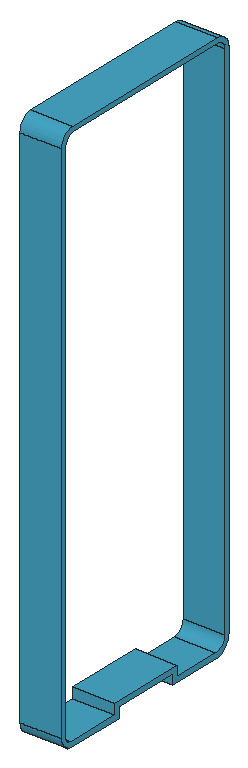
Revit family "product code 61217-S", category Meble, Revit 2021
Family settings
  Numer OmniClass = 23.40.20.00
  Tytuł OmniClass = General Furniture and Specialties
  Oparty na płaszczyźnie roboczej = Nie
  Zawsze pionowo = Tak
  Tnij formami wycięć po wczytaniu = Nie
  Współdzielony = Nie
  Punkt obliczania pomieszczeń = Nie
Parameters (values of type "61217-S")
  metal = Kobenhagen RAL 5012
  Width = "6 cm"
  Weight = "10 kg"
  URL = "https://kobenhagen.com/en_US/p/Frederiksberg-Bicycle-Stand-30-cm/150"
  Product line = "Frederiksberg"
  Product Groups = "Bicycle Stands"
  Producent = "Lars Laj"
  Keynote = ""
  Opis = "Frederiksberg Bicycle Stand 30 cm"
  Model = "61217-S-L"
  Material = "powder coated steel"
  Maintenance = "We recommend to examine and tighten all screws and bolt clamps after a few weeks’ use. In order to prevent cracks and to extend the life of the wood, it is recommended that the wood details should be oiled every 3-5 years."
  Lenght = "30 cm"
  Type Comments = ""
  Kobenhagen Materials = "larslaj.com/bim"
  Hosted on larslaj.com = "https://larslaj.com/bim"
  Height = "80 cm"
  Domyślna rzędna = 0 mm
  Copyright = "All designs and drawings are the intellectual property of Lars Laj A/S and are protected by Danish and international copyright laws."
Reference planes
  plane 1 "front": y = 0
  plane 2: z = 0
  plane 3 "Środek (Lewa/Prawa)": x = 0
  plane 4 "back": y = 294.888
  plane 5: z = 705.918
Forms (mm)
  Extrusion 1, solid, material "Kobenhagen RAL 5012" <- "metal", not visible
    sketch origin (0, 0, 0) x (0, 1, 0) y (0, 0, 1)
      loop
        arc (71.187, 451.5) -> (57.045, 445.642) -> (51.187, 431.5) r 20
        line (51.187, 431.5) -> (51.187, 18.231)
        arc (51.187, 18.231) -> (56.527, 5.34) -> (69.418, 0) r 18.231
        line (69.418, 0) -> (153.638, 0) -> (153.638, 15) -> (448.638, 15) -> (448.638, 0) -> (527.023, 0)
        arc (527.023, 0) -> (542.307, 6.331) -> (548.638, 21.615) r 21.615
        line (548.638, 21.615) -> (548.638, 429.407)
        arc (548.638, 429.407) -> (542.168, 445.029) -> (526.545, 451.5) r 22.093
        line (526.545, 451.5) -> (71.187, 451.5)
    from 750.378 to 745
  Extrusion 2, solid, material "Kobenhagen RAL 5012" <- "metal", not visible
    sketch origin (0, 0, 0) x (0, 1, 0) y (0, 0, 1)
      loop
        line (548.638, 396.844) -> (629.375, 854.725) -> (601.836, 859.581)
        arc (601.836, 859.581) -> (585.224, 855.898) -> (576.082, 841.547) r 22.232
        line (576.082, 841.547) -> (507.306, 451.5) -> (526.545, 451.5)
        arc (526.545, 451.5) -> (542.168, 445.029) -> (548.638, 429.407) r 22.093
        line (548.638, 429.407) -> (548.638, 396.844)
    from 745 to 750.378
  Extrusion 3, solid, material "Kobenhagen Wood - Larch", not visible
    sketch origin (0, -896.088, 385.255) x (0, 1, 0) y (0, 0, 1)
      loop
        arc (244.222, 429.703) -> (240.686, 428.239) -> (239.222, 424.703) r 5
        line (239.222, 424.703) -> (239.222, 388.972)
        arc (239.222, 388.972) -> (239.796, 387.586) -> (241.182, 387.012) r 1.96
        line (241.182, 387.012) -> (327.222, 387.012)
        arc (327.222, 387.012) -> (328.636, 387.598) -> (329.222, 389.012) r 2
        line (329.222, 389.012) -> (329.222, 424.703)
        arc (329.222, 424.703) -> (327.757, 428.239) -> (324.222, 429.703) r 5
        line (324.222, 429.703) -> (244.222, 429.703)
    from -745.625 to 745.937
  Extrusion 4, solid, material "Kobenhagen Wood - Larch", not visible
    sketch origin (0, -998.538, 385.255) x (0, 1, 0) y (0, 0, 1)
      loop
        arc (252.671, 429.703) -> (249.136, 428.239) -> (247.671, 424.703) r 5
        line (247.671, 424.703) -> (247.671, 388.972)
        arc (247.671, 388.972) -> (248.245, 387.586) -> (249.631, 387.012) r 1.96
        line (249.631, 387.012) -> (335.671, 387.012)
        arc (335.671, 387.012) -> (337.085, 387.598) -> (337.671, 389.012) r 2
        line (337.671, 389.012) -> (337.671, 424.703)
        arc (337.671, 424.703) -> (336.207, 428.239) -> (332.671, 429.703) r 5
        line (332.671, 429.703) -> (252.671, 429.703)
    from -745.625 to 745.937
  Extrusion 5, solid, material "Kobenhagen Wood - Larch", not visible
    sketch origin (0, -1101.038, 385.255) x (0, 1, 0) y (0, 0, 1)
      loop
        arc (275.801, 429.704) -> (261.616, 423.828) -> (255.74, 409.642) r 20.061
        line (255.74, 409.642) -> (258.916, 409.642) -> (258.916, 387.013) -> (344.172, 387.013)
        arc (344.172, 387.013) -> (345.585, 387.598) -> (346.171, 389.012) r 1.999
        line (346.171, 389.012) -> (346.171, 424.706)
        arc (346.171, 424.706) -> (344.707, 428.24) -> (341.173, 429.704) r 4.998
        line (341.173, 429.704) -> (275.801, 429.704)
    from -745.625 to 745.937
  Extrusion 6, solid, material "Kobenhagen RAL 5012" <- "metal", not visible
    sketch origin (0, -896.058, 363.795) x (0, 1, 0) y (0, 0, 1)
      loop
        line (53.936, 431.102) -> (51.187, 431.102) -> (51.187, 407.787) -> (53.936, 407.787) -> (53.936, 431.102)
    from -745.625 to 745.937
  Extrusion 7, solid, material "Kobenhagen Wood - Larch", not visible
    sketch origin (0, 162.946, 385.255) x (0, -1, 0) y (0, 0, -1)
      loop
        line (275.801, -429.704) -> (342.815, -429.704)
        arc (342.815, -429.704) -> (346.349, -428.24) -> (347.813, -424.706) r 4.998
        line (347.813, -424.706) -> (347.813, -389.012)
        arc (347.813, -389.012) -> (347.227, -387.598) -> (345.813, -387.013) r 1.999
        line (345.813, -387.013) -> (258.705, -387.013) -> (258.705, -409.642) -> (255.74, -409.642)
        arc (255.74, -409.642) -> (261.616, -423.828) -> (275.801, -429.704) r 20.061
    from -745.625 to 745.938
  Extrusion 8, solid, material "Kobenhagen RAL 5012" <- "metal", not visible
    sketch origin (0, -41.823, 363.795) x (0, -1, 0) y (0, 0, -1)
      loop
        line (53.936, -431.102) -> (53.936, -407.787) -> (51.187, -407.787) -> (51.187, -431.102) -> (53.936, -431.102)
    from -745.625 to 745.938
  Extrusion 9, solid, material "Kobenhagen Wood - Larch", not visible
    sketch origin (0, -707.338, 385.255) x (0, 1, 0) y (0, 0, 1)
      loop
        arc (244.222, 429.703) -> (240.686, 428.239) -> (239.222, 424.703) r 5
        line (239.222, 424.703) -> (239.222, 388.972)
        arc (239.222, 388.972) -> (239.796, 387.586) -> (241.182, 387.012) r 1.96
        line (241.182, 387.012) -> (327.222, 387.012)
        arc (327.222, 387.012) -> (328.636, 387.598) -> (329.222, 389.012) r 2
        line (329.222, 389.012) -> (329.222, 424.703)
        arc (329.222, 424.703) -> (327.757, 428.239) -> (324.222, 429.703) r 5
        line (324.222, 429.703) -> (244.222, 429.703)
    from -745.625 to 745.937
  Extrusion 10, solid, material "Kobenhagen Wood - Larch", not visible
    sketch origin (0, -809.788, 385.255) x (0, 1, 0) y (0, 0, 1)
      loop
        arc (252.671, 429.703) -> (249.136, 428.239) -> (247.671, 424.703) r 5
        line (247.671, 424.703) -> (247.671, 388.972)
        arc (247.671, 388.972) -> (248.245, 387.586) -> (249.631, 387.012) r 1.96
        line (249.631, 387.012) -> (335.671, 387.012)
        arc (335.671, 387.012) -> (337.085, 387.598) -> (337.671, 389.012) r 2
        line (337.671, 389.012) -> (337.671, 424.703)
        arc (337.671, 424.703) -> (336.207, 428.239) -> (332.671, 429.703) r 5
        line (332.671, 429.703) -> (252.671, 429.703)
    from -745.625 to 745.937
  Extrusion 11, solid, material "Kobenhagen Wood - Larch", not visible
    sketch origin (0, -519.338, 385.255) x (0, 1, 0) y (0, 0, 1)
      loop
        arc (244.222, 429.703) -> (240.686, 428.239) -> (239.222, 424.703) r 5
        line (239.222, 424.703) -> (239.222, 388.972)
        arc (239.222, 388.972) -> (239.796, 387.586) -> (241.182, 387.012) r 1.96
        line (241.182, 387.012) -> (327.222, 387.012)
        arc (327.222, 387.012) -> (328.636, 387.598) -> (329.222, 389.012) r 2
        line (329.222, 389.012) -> (329.222, 424.703)
        arc (329.222, 424.703) -> (327.757, 428.239) -> (324.222, 429.703) r 5
        line (324.222, 429.703) -> (244.222, 429.703)
    from -745.625 to 745.937
  Extrusion 12, solid, material "Kobenhagen Wood - Larch", not visible
    sketch origin (0, -621.788, 385.255) x (0, 1, 0) y (0, 0, 1)
      loop
        arc (252.671, 429.703) -> (249.136, 428.239) -> (247.671, 424.703) r 5
        line (247.671, 424.703) -> (247.671, 388.972)
        arc (247.671, 388.972) -> (248.245, 387.586) -> (249.631, 387.012) r 1.96
        line (249.631, 387.012) -> (335.671, 387.012)
        arc (335.671, 387.012) -> (337.085, 387.598) -> (337.671, 389.012) r 2
        line (337.671, 389.012) -> (337.671, 424.703)
        arc (337.671, 424.703) -> (336.207, 428.239) -> (332.671, 429.703) r 5
        line (332.671, 429.703) -> (252.671, 429.703)
    from -745.625 to 745.937
  Extrusion 13, solid, material "Kobenhagen RAL 5012" <- "metal"
    sketch origin (870, -51.25, 0) x (0, 1, 0) y (0, 0, 1)
      loop
        line (351.138, 23.296) -> (351.138, 779.812)
        arc (351.138, 779.812) -> (345.281, 793.955) -> (331.138, 799.812) r 20
        line (331.138, 799.812) -> (71.187, 799.812)
        arc (71.187, 799.812) -> (57.045, 793.955) -> (51.187, 779.812) r 20
        line (51.187, 779.812) -> (51.187, 18.763)
        arc (51.187, 18.763) -> (56.683, 5.495) -> (69.95, 0) r 18.763
        line (69.95, 0) -> (153.638, 0) -> (153.638, 15) -> (251.138, 15) -> (251.138, 0) -> (327.842, 0)
        arc (327.842, 0) -> (344.315, 6.823) -> (351.138, 23.296) r 23.296
      loop
        arc (73.645, 793.812) -> (61.887, 788.942) -> (57.017, 777.184) r 16.628
        line (57.017, 777.184) -> (57.017, 18.763)
        arc (57.017, 18.763) -> (60.315, 10.799) -> (68.279, 7.5) r 11.263
        line (68.279, 7.5) -> (146.138, 7.5) -> (146.138, 22.5) -> (258.638, 22.5) -> (258.638, 7.5) -> (329.203, 7.5)
        arc (329.203, 7.5) -> (340.373, 12.127) -> (344.999, 23.296) r 15.796
        line (344.999, 23.296) -> (344.999, 780.419)
        arc (344.999, 780.419) -> (341.076, 789.89) -> (331.606, 793.812) r 13.394
        line (331.606, 793.812) -> (73.645, 793.812)
    from -893.125 to -833.125
Lines and regions (mm)
  model lines, style "9"
    curve 1: line (264.233, -99.489, 0) -> (264.233, -93.489, 0)
    curve 2: line (264.233, -399.489, 0) -> (264.233, -405.489, 0)
    curve 3: line (-304.767, -99.489, 0) -> (-304.767, -93.489, 0)
    curve 4: line (-304.767, -399.489, 0) -> (-304.767, -405.489, 0)
    curve 5: line (-281.767, -99.489, 0) -> (-281.767, -93.489, 0)
    curve 6: line (-281.767, -399.489, 0) -> (-281.767, -405.489, 0)
    curve 7: line (0, -245.5, 21) -> (0, -239.5, 21)
    curve 8: line (0, -445.5, 21) -> (0, -451.5, 21)
    curve 9: line (0, -194.867, 21.088) -> (0, -188.867, 21.088)
    curve 10: line (0, -744.867, 21.088) -> (0, -750.867, 21.088)
    curve 11: line (0, 199.767, 21) -> (0, 205.767, 21)
Dimensions and locks
  plane 4 "back" to plane 1 "front" = 294.888 mm
  Extrusion 3 sketch curve to Extrusion 3 sketch curve = 90 mm
  Extrusion 3 sketch curve to Extrusion 3 sketch curve = 42.691 mm
  Extrusion 4 sketch curve to Extrusion 4 sketch curve = 90 mm
  Extrusion 4 sketch curve to Extrusion 4 sketch curve = 42.691 mm
  Extrusion 5 sketch curve to Extrusion 5 sketch curve = 42.691 mm
  Extrusion 7 sketch curve to Extrusion 7 sketch curve = 42.691 mm
  Extrusion 9 sketch curve to Extrusion 9 sketch curve = 90 mm
  Extrusion 9 sketch curve to Extrusion 9 sketch curve = 42.691 mm
  Extrusion 10 sketch curve to Extrusion 10 sketch curve = 90 mm
  Extrusion 10 sketch curve to Extrusion 10 sketch curve = 42.691 mm
  Extrusion 11 sketch curve to Extrusion 11 sketch curve = 90 mm
  Extrusion 11 sketch curve to Extrusion 11 sketch curve = 42.691 mm
  Extrusion 12 sketch curve to Extrusion 12 sketch curve = 90 mm
  Extrusion 12 sketch curve to Extrusion 12 sketch curve = 42.691 mm
  aligned and locked: level to plane 2
